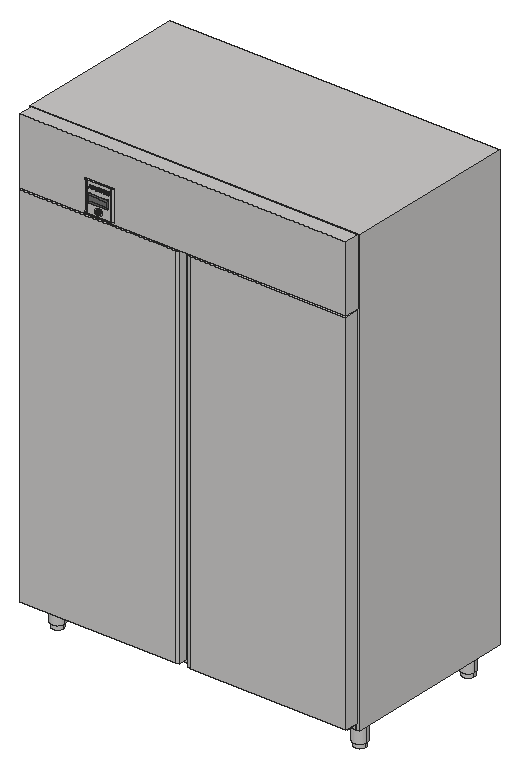
Revit family "QF_ALPENINOX_729654_AR4142FFR", category Specialty Equipment, Revit 2018
Family settings
  Round Connector Dimension = Use Diameter
  Part Type = Normal
  Work Plane-Based = No
  Always vertical = Yes
  Cut with Voids When Loaded = No
  Shared = No
  Room Calculation Point = No
Parameters (values of type "Standard")
  Weight = 190.00 kg
  Watts = 19.5096 W
  Volts = 220 V
  URL Manufacturer = "http://www.alpeninox.com"
  URL = "http://www.alpeninox.com"
  Steam Supply Size = 0 mm
  Steam Supply Minimum Pressure = 0.0 Pa
  Steam Supply Maximum Pressure = 0.0 Pa
  Steam Pounds per Hour = 0
  Refrigeration Suction Line Size = 0.031 mm
  Refrigeration Liquid Line Size = 0.02 mm
  Refrigerant Compressor Remote = yes
  Manufacturer = "Alpeninox"
  Phase = 1
  Model = "AR4142FFR"
  Length Actual = 1441 mm  # constant formula
  Item Number = "729654"
  Hot Water Size = 0 mm
  Height Actual = 2050 mm  # constant formula
  HP = "0.3 HP"
  Gas Size = 0 mm
  Gas KW = 0
  Gas Input Pressure = 0 W
  Description = "2-DOOR FREEZER 1430L -22-15°C, DIGITAL, S/S - REMOTE"
  Depth Actual = 835 mm  # constant formula
  Cycle = 50 Hz
  Condensate Return Size = 0 mm
  Compressed Air Volume = 0.0 L/s
  Compressed Air Size = 0 mm
  Compressed Air Pressure = 0.0 Pa
  Cold Water Size = 0 mm
  Accessory = yes
Reference planes
  plane 1 "Center (Front/Back)": y = 0
  plane 2: z = 0
  plane 3 "Center (Left/Right)": x = 0
  plane 4 "BASE": z = 110
  plane 5 "TOP": z = 2050
  plane 6 "FRONT": y = -417.5
  plane 7 "BACK": y = 417.5
  plane 8 "LEFT": x = -720.5
  plane 9 "RIGHT": x = 720.5
Forms (mm)
  Extrusion 1, solid, material "QF_Finishes_Stainless Steel"
    sketch origin (0, 0, 0) x (1, 0, 0) y (0, 1, 0)
      loop
        circle (-643.5, 344.5) r 25
      loop
        circle (643.5, 344.5) r 25
      loop
        circle (-660.5, -269.5) r 25
      loop
        circle (660.5, -269.5) r 25
      loop
        circle (0, -121) r 25
    from 0 to 20
  Extrusion 2, solid, material "QF_Finishes_Stainless Steel"
    sketch origin (0, 0, 0) x (1, 0, 0) y (0, 1, 0)
      loop
        circle (-643.5, 344.5) r 30
      loop
        circle (643.5, 344.5) r 30
      loop
        circle (660.5, -269.5) r 30
      loop
        circle (-660.5, -269.5) r 30
      loop
        circle (0, -121) r 30
    from 20 to 110
  Extrusion 3, solid, material "QF_Finishes_Stainless Steel"
    sketch origin (0, 0, 110) x (-1, 0, 0) y (0, -1, 0)
      loop
        line (720.5, -417.5) -> (720.5, 345.5) -> (-720.5, 345.5) -> (-720.5, -417.5) -> (720.5, -417.5)
    from 0 to 1940
  Extrusion 4, solid
    sketch origin (0, 417.5, 1685) x (-1, 0, 0) y (0, 0, 1)
      loop
        circle (704.5, 124) r 10
    from 0 to 3.2
  Extrusion 5, solid, material "QF_Door-Drawer Clearances", detail levels coarse
    sketch origin (0, 0, 110) x (-1, 0, 0) y (0, -1, 0)
      loop
        line (-712.5, 409.5) -> (-648.5, 409.5) -> (-648.5, 1006.5) -> (-666.5, 1006.5) -> (-666.5, 1024.5) -> (-688.5, 1024.5) -> (-688.5, 1062.5) -> (-712.5, 1062.5) -> (-712.5, 409.5)
    from 1642.965 to 28
  Extrusion 6, solid, material "QF_Door-Drawer Clearances", detail levels coarse
    sketch origin (0, 0, 110) x (-1, 0, 0) y (0, -1, 0)
      loop
        line (-648.5, 409.5) -> (0, 409.5)
        arc (0, 409.5) -> (-211.9, 875.546) -> (-688.5, 1062.5) r 681.392
        line (-688.5, 1062.5) -> (-688.5, 1024.5) -> (-666.5, 1024.5) -> (-666.5, 1006.5) -> (-648.5, 1006.5) -> (-648.5, 409.5)
    from 1642.965 to 28
  Extrusion 7, solid, material "QF_Clearances", detail levels coarse
    sketch origin (0, 0, 110) x (-1, 0, 0) y (0, -1, 0)
      loop
        line (720.5, 417.5) -> (720.5, -417.5) -> (-720.5, -417.5) -> (-720.5, 417.5) -> (-740.5, 417.5) -> (-740.5, -447.5) -> (740.5, -447.5) -> (740.5, 417.5) -> (720.5, 417.5)
    from -110 to 1940
  Extrusion 8, solid, material "QF_Clearances", detail levels coarse
    sketch origin (0, 0, 2050) x (-1, 0, 0) y (0, -1, 0)
      loop
        line (740.5, -447.5) -> (740.5, 417.5) -> (-740.5, 417.5) -> (-740.5, -447.5) -> (740.5, -447.5)
    from 0 to 500
  Extrusion 9, void
    sketch origin (0, 417.5, 0) x (-1, 0, 0) y (0, 0, 1)
      loop
        line (645.5, 1724) -> (430, 1724) -> (430, 1695) -> (-430, 1695) -> (-430, 1724) -> (-645.5, 1724) -> (-645.5, 180) -> (-322.75, 170.906) -> (0, 180) -> (322.75, 170.906) -> (645.5, 180) -> (645.5, 1724)
    from -56 to -763
  Extrusion 10, solid, material "QF_Door-Drawer Clearances", detail levels coarse
    sketch origin (0, 0, 110) x (1, 0, 0) y (0, 1, 0)
      loop
        line (-712.5, -409.5) -> (-712.5, -1062.5) -> (-688.5, -1062.5) -> (-688.5, -1024.5) -> (-666.5, -1024.5) -> (-666.5, -1006.5) -> (-648.5, -1006.5) -> (-648.5, -409.5) -> (-712.5, -409.5)
    from 1642.965 to 28
  Extrusion 11, solid, material "QF_Door-Drawer Clearances", detail levels coarse
    sketch origin (0, 0, 110) x (1, 0, 0) y (0, 1, 0)
      loop
        line (-648.5, -409.5) -> (-648.5, -1006.5) -> (-666.5, -1006.5) -> (-666.5, -1024.5) -> (-688.5, -1024.5) -> (-688.5, -1062.5)
        arc (-688.5, -1062.5) -> (-211.9, -875.546) -> (0, -409.5) r 681.392
        line (0, -409.5) -> (-648.5, -409.5)
    from 1642.965 to 28
  Extrusion 12, solid, material "QF_Finishes_Stainless Steel"
    sketch origin (0, 417.5, 0) x (-1, 0, 0) y (0, 0, 1)
      loop
        line (40, 170.62) -> (40, 1695) -> (-40, 1695) -> (-40, 170.62) -> (0, 170) -> (40, 170.62)
    from -723 to -763
  Extrusion 13, solid, material "QF_Finishes_Stainless Steel"
    sketch origin (0, 0, 110) x (-1, 0, 0) y (0, -1, 0)
      loop
        circle (322.75, 254.5) r 7.938
      loop
        circle (-322.75, 254.5) r 7.938
    from 0 to -10
  Extrusion 14, solid, material "QF_Finishes_Stainless Steel"
    sketch origin (0, 0, 2050) x (-1, 0, 0) y (0, -1, 0)
      loop
        circle (255.5, 167.5) r 4.75
    from -34.697 to -139.697
  Extrusion 15, solid, material "QF_Finishes_Stainless Steel"
    sketch origin (-720.5, 0, 0) x (0, 1, 0) y (0, 0, 1)
      loop
        circle (-182.5, 1852.63) r 3
    from 500 to 620
Cuts and joins
  joined: Extrusion 7, Extrusion 8
  Extrusion 9 cuts Extrusion 3
Lines and regions (mm)
  symbolic lines, style "SpecialityEquipmentHiddenLines"
    curve 1: line (712.5, -409.5, 110) -> (712.5, -1062.5, 110)
    curve 2: line (712.5, -1062.5, 110) -> (688.5, -1062.5, 110)
    curve 3: line (648.5, -409.5, 110) -> (648.5, -1006.5, 110)
    curve 4: line (688.5, -1062.5, 110) -> (688.5, -1024.5, 110)
    curve 5: line (688.5, -1024.5, 110) -> (666.5, -1024.5, 110)
    curve 6: line (666.5, -1024.5, 110) -> (666.5, -1006.5, 110)
    curve 7: line (666.5, -1006.5, 110) -> (648.5, -1006.5, 110)
    curve 13: arc (0, -409.5, 110) -> (211.9, -875.546, 110) -> (688.5, -1062.5, 110) r 681.392
    curve 14: line (-712.5, -1062.5, 110) -> (-688.5, -1062.5, 110)
    curve 15: line (-648.5, -409.5, 110) -> (-648.5, -1006.5, 110)
    curve 16: line (-688.5, -1062.5, 110) -> (-688.5, -1024.5, 110)
    curve 17: line (-688.5, -1024.5, 110) -> (-666.5, -1024.5, 110)
    curve 18: line (-666.5, -1024.5, 110) -> (-666.5, -1006.5, 110)
    curve 19: line (-666.5, -1006.5, 110) -> (-648.5, -1006.5, 110)
    curve 20: arc (0, -409.5, 110) -> (-211.9, -875.546, 110) -> (-688.5, -1062.5, 110) r 681.392
    curve 21: line (-712.5, -409.5, 110) -> (-712.5, -1062.5, 110)
  symbolic lines, style "QF_Clearances", detail levels coarse
    curve 8: line (-220.5, -417.5, 2050) -> (-740.5, -417.5, 2050)
    curve 9: line (-740.5, -417.5, 2050) -> (-740.5, 447.5, 2050)
    curve 10: line (-740.5, 447.5, 2050) -> (740.5, 447.5, 2050)
    curve 11: line (740.5, 447.5, 2050) -> (740.5, -417.5, 2050)
    curve 12: line (740.5, -417.5, 2050) -> (720.5, -417.5, 2050)
Dimensions and locks
  equal spacing: plane 7 "BACK", plane 1 "Center (Front/Back)", plane 6 "FRONT"
  equal spacing: plane 8 "LEFT", plane 3 "Center (Left/Right)", plane 9 "RIGHT"
  plane 8 "LEFT" to plane 9 "RIGHT" = 1441 mm
  plane 7 "BACK" to plane 6 "FRONT" = 835 mm
  plane 5 "TOP" to plane 2 = 2050 mm
  aligned and locked: level to plane 2
Automatic sketch dimensions
  Extrusion 1 sketch curve to plane 3 "Center (Left/Right)" = 0 mm
  plane 8 "LEFT" to Extrusion 1 sketch curve = 77 mm
  plane 8 "LEFT" to Extrusion 1 sketch curve = 60 mm
  plane 9 "RIGHT" to Extrusion 1 sketch curve = 77 mm
  plane 9 "RIGHT" to Extrusion 1 sketch curve = 60 mm
  plane 6 "FRONT" to Extrusion 1 sketch curve = 148 mm  (x2)
  plane 1 "Center (Front/Back)" to Extrusion 1 sketch curve = 121 mm
  Extrusion 1 sketch curve to plane 7 "BACK" = 73 mm  (x2)
  Extrusion 2 sketch curve to plane 3 "Center (Left/Right)" = 0 mm
  plane 8 "LEFT" to Extrusion 2 sketch curve = 77 mm
  plane 8 "LEFT" to Extrusion 2 sketch curve = 60 mm
  plane 9 "RIGHT" to Extrusion 2 sketch curve = 77 mm
  plane 9 "RIGHT" to Extrusion 2 sketch curve = 60 mm
  plane 6 "FRONT" to Extrusion 2 sketch curve = 148 mm  (x2)
  plane 1 "Center (Front/Back)" to Extrusion 2 sketch curve = 121 mm
  Extrusion 2 sketch curve to plane 7 "BACK" = 73 mm  (x2)
  Extrusion 3 sketch curve to plane 7 "BACK" = 0 mm
  Extrusion 3 sketch curve to plane 9 "RIGHT" = 0 mm
  Extrusion 3 sketch curve to plane 8 "LEFT" = 0 mm
  plane 6 "FRONT" to Extrusion 3 sketch curve = 72 mm
  plane 8 "LEFT" to Extrusion 4 sketch curve = 16 mm
  Extrusion 4 sketch curve to plane 5 "TOP" = 241 mm
  plane 9 "RIGHT" to Extrusion 5 sketch curve = 8 mm
  plane 9 "RIGHT" to Extrusion 5 sketch curve = 32 mm
  Extrusion 5 sketch curve to Extrusion 5 sketch curve = 22 mm
  plane 6 "FRONT" to Extrusion 5 sketch curve = 8 mm
  Extrusion 5 sketch curve to Extrusion 5 sketch curve = 64 mm
  Extrusion 5 sketch curve to plane 6 "FRONT" = 589 mm
  Extrusion 5 sketch curve to Extrusion 5 sketch curve = 18 mm
  Extrusion 5 sketch curve to Extrusion 5 sketch curve = 38 mm
  Extrusion 6 sketch curve to plane 3 "Center (Left/Right)" = 0 mm
  plane 9 "RIGHT" to Extrusion 6 sketch curve = 72 mm
  Extrusion 6 sketch curve to Extrusion 6 sketch curve = 18 mm  (x2)
  plane 9 "RIGHT" to Extrusion 6 sketch curve = 39.698 mm
  Extrusion 6 sketch curve to Extrusion 6 sketch curve = 22 mm
  plane 6 "FRONT" to Extrusion 6 sketch curve = 36.349 mm
  plane 6 "FRONT" to Extrusion 6 sketch curve = 8 mm
  Extrusion 6 sketch curve to Extrusion 6 sketch curve = 56 mm
  Extrusion 7 sketch curve to plane 6 "FRONT" = 0 mm  (x2)
  Extrusion 7 sketch curve to plane 7 "BACK" = 0 mm
  Extrusion 7 sketch curve to plane 9 "RIGHT" = 0 mm
  Extrusion 7 sketch curve to plane 8 "LEFT" = 0 mm
  Extrusion 7 sketch curve to plane 9 "RIGHT" = 20 mm
  Extrusion 7 sketch curve to Extrusion 7 sketch curve = 20 mm
  plane 7 "BACK" to Extrusion 7 sketch curve = 30 mm
  Extrusion 8 sketch curve to plane 6 "FRONT" = 0 mm
  Extrusion 8 sketch curve to plane 9 "RIGHT" = 20 mm
  Extrusion 8 sketch curve to plane 8 "LEFT" = 20 mm
  plane 7 "BACK" to Extrusion 8 sketch curve = 30 mm
  Extrusion 10 sketch curve to plane 8 "LEFT" = 8 mm
  Extrusion 10 sketch curve to plane 8 "LEFT" = 32 mm
  Extrusion 10 sketch curve to Extrusion 10 sketch curve = 22 mm
  Extrusion 10 sketch curve to plane 6 "FRONT" = 8 mm
  Extrusion 10 sketch curve to Extrusion 10 sketch curve = 64 mm
  plane 6 "FRONT" to Extrusion 10 sketch curve = 589 mm
  Extrusion 10 sketch curve to Extrusion 10 sketch curve = 18 mm
  Extrusion 10 sketch curve to Extrusion 10 sketch curve = 38 mm
  Extrusion 11 sketch curve to plane 3 "Center (Left/Right)" = 0 mm
  Extrusion 11 sketch curve to plane 8 "LEFT" = 72 mm
  Extrusion 11 sketch curve to Extrusion 11 sketch curve = 18 mm  (x2)
  Extrusion 11 sketch curve to plane 8 "LEFT" = 39.698 mm
  Extrusion 11 sketch curve to Extrusion 11 sketch curve = 22 mm
  Extrusion 11 sketch curve to plane 6 "FRONT" = 36.349 mm
  Extrusion 11 sketch curve to plane 6 "FRONT" = 8 mm
  Extrusion 11 sketch curve to Extrusion 11 sketch curve = 56 mm
  Extrusion 12 sketch curve to plane 3 "Center (Left/Right)" = 0 mm
  plane 3 "Center (Left/Right)" to Extrusion 12 sketch curve = 40 mm
  Extrusion 12 sketch curve to plane 3 "Center (Left/Right)" = 40 mm
  plane 4 "BASE" to Extrusion 12 sketch curve = 60 mm
  Extrusion 12 sketch curve to Extrusion 12 sketch curve = 0.62 mm  (x2)
  Extrusion 12 sketch curve to Extrusion 12 sketch curve = 1524.38 mm
  Extrusion 9 sketch curve to plane 3 "Center (Left/Right)" = 0 mm
  plane 4 "BASE" to Extrusion 9 sketch curve = 60.906 mm  (x2)
  plane 3 "Center (Left/Right)" to Extrusion 9 sketch curve = 322.75 mm
  plane 9 "RIGHT" to Extrusion 9 sketch curve = 290.5 mm
  plane 9 "RIGHT" to Extrusion 9 sketch curve = 75 mm
  Extrusion 9 sketch curve to plane 3 "Center (Left/Right)" = 322.75 mm
  plane 8 "LEFT" to Extrusion 9 sketch curve = 290.5 mm
  plane 8 "LEFT" to Extrusion 9 sketch curve = 75 mm
  plane 4 "BASE" to Extrusion 9 sketch curve = 70 mm  (x3)
  Extrusion 9 sketch curve to plane 5 "TOP" = 355 mm
  Extrusion 9 sketch curve to Extrusion 9 sketch curve = 29 mm  (x2)
  plane 3 "Center (Left/Right)" to Extrusion 13 sketch curve = 322.75 mm
  Extrusion 13 sketch curve to plane 3 "Center (Left/Right)" = 322.75 mm
  plane 6 "FRONT" to Extrusion 13 sketch curve = 163 mm  (x2)
  curve 13 to plane 3 "Center (Left/Right)" = 0 mm
  plane 9 "RIGHT" to curve 7 = 72 mm
  curve 5 to curve 3 = 18 mm
  plane 9 "RIGHT" to curve 13 = 39.698 mm
  curve 4 to curve 5 = 22 mm
  plane 9 "RIGHT" to curve 1 = 8 mm
  plane 8 "LEFT" to curve 15 = 72 mm
  curve 15 to curve 18 = 18 mm
  plane 8 "LEFT" to curve 20 = 39.698 mm
  curve 17 to curve 17 = 22 mm
  plane 8 "LEFT" to curve 14 = 8 mm
  plane 6 "FRONT" to curve 20 = 36.349 mm
  plane 6 "FRONT" to curve 13 = 36.349 mm
  curve 6 to plane 6 "FRONT" = 589 mm
  curve 15 to plane 6 "FRONT" = 589 mm
  curve 6 to curve 6 = 18 mm
  curve 18 to curve 16 = 18 mm
  curve 4 to curve 4 = 38 mm
  plane 6 "FRONT" to curve 21 = 8 mm
  plane 6 "FRONT" to curve 15 = 8 mm
  plane 6 "FRONT" to curve 3 = 8 mm
  plane 6 "FRONT" to curve 1 = 8 mm
  plane 1 "Center (Front/Back)" to Extrusion 14 sketch curve = 167.5 mm
  Extrusion 14 sketch curve to plane 3 "Center (Left/Right)" = 255.5 mm
  curve 12 to plane 6 "FRONT" = 0 mm
  curve 12 to plane 9 "RIGHT" = 0 mm
  curve 8 to plane 6 "FRONT" = 0 mm
  curve 11 to curve 12 = 20 mm
  curve 9 to plane 8 "LEFT" = 20 mm
  plane 7 "BACK" to curve 10 = 30 mm
  curve 8 to plane 3 "Center (Left/Right)" = 220.5 mm
  Extrusion 15 sketch curve to plane 5 "TOP" = 197.37 mm
  plane 1 "Center (Front/Back)" to Extrusion 15 sketch curve = 182.5 mm
  radius of Extrusion 1 sketch curve = 25 mm  (x5)
  radius of Extrusion 2 sketch curve = 30 mm  (x5)
  radius of Extrusion 4 sketch curve = 10 mm
  radius of Extrusion 13 sketch curve = 7.938 mm  (x2)
  radius of Extrusion 14 sketch curve = 4.75 mm
  radius of Extrusion 15 sketch curve = 3 mm
Nested families
  nested 1: "QF_729123_Door" at (0, -345.5, 968.365) x (1, 0, 0) z (0, -1, 0), type "QF_729123_Door"
    with Show Clearance yes
  nested 2: "Freezer" at (720.5, -417.5, 2050), type "Freezer"
Connectors
  electrical at (-704.5, 420.7, 1809), driven by "Volts"
    settings: on Extrusion 4, index 2, voltage 220 V, apparent load 0 VA, apparent load phase1 0 VA, apparent load phase2 0 VA, apparent load phase3 0 VA, power factor 1, load classification "Other", number of poles 1, system type 30, power factor state 1, is connector primary yes, connector utility no, sub classification motor no, connector description "Electrical Connection"
  piping at (322.75, -254.5, 100), diameter 15.875
    settings: on Extrusion 13, index 3, connector inside diameter 609.6 mm, connector length 0 mm, flow factor 0, pipe flow 0.0 L/s, pressure drop 0.0 Pa, fitting loss kfactor 0, connector angle 0.00°, fixture units 0, engagement length 0 mm, angle of deflection 0.00°, flow configuration 1, flow direction 2, fitting loss method 0, system type 16, joint type 0, gender type 0, connector reference index -1, connector utility 0, adjustable connector no, is connector primary yes, connector description "Drain"
  piping at (-322.75, -254.5, 100), diameter 15.875
    settings: on Extrusion 13, index 4, connector inside diameter 609.6 mm, connector length 0 mm, flow factor 0, pipe flow 0.0 L/s, pressure drop 0.0 Pa, fitting loss kfactor 0, connector angle 0.00°, fixture units 0, engagement length 0 mm, angle of deflection 0.00°, flow configuration 1, flow direction 2, fitting loss method 0, system type 16, joint type 0, gender type 0, connector reference index -1, connector utility 0, adjustable connector no, is connector primary no, connector description "Drain"
  piping at (-220.5, -182.5, 1852.63), diameter 6
    settings: on Extrusion 15, index 5, connector inside diameter 609.6 mm, connector length 0 mm, flow factor 0, pipe flow 0.0 L/s, pressure drop 0.0 Pa, fitting loss kfactor 0, connector angle 0.00°, fixture units 0, engagement length 0 mm, angle of deflection 0.00°, flow configuration 1, flow direction 1, fitting loss method 0, system type 7, joint type 0, gender type 0, connector reference index -1, connector utility 0, adjustable connector no, is connector primary no, connector description "Refrigerant Inlet"
  piping at (-255.5, -167.5, 2015.303), diameter 9.5
    settings: on Extrusion 14, index 6, connector inside diameter 609.6 mm, connector length 0 mm, flow factor 0, pipe flow 0.0 L/s, pressure drop 0.0 Pa, fitting loss kfactor 0, connector angle 0.00°, fixture units 0, engagement length 0 mm, angle of deflection 0.00°, flow configuration 1, flow direction 2, fitting loss method 0, system type 8, joint type 0, gender type 0, connector reference index -1, connector utility 0, adjustable connector no, is connector primary no, connector description "Refrigerant Outlet"
Definition of nested family "QF_729123_Door"
  Parameters
    Show Clearance [instance] = yes
    Model = "729050"
    Default Elevation = 1219.2 mm
  Reference planes
    plane 1 "Center (Front/Back)": y = 0
    plane 2: z = 0
    plane 3 "Center (Left/Right)": x = 0
    plane 4 "panel": z = 64
  Forms (mm)
    Extrusion 1, solid
      sketch origin (0, -919.2, 0) x (1, 0, 0) y (0, 1, 0)
        loop
          line (-980.5, 2119.2) -> (-980.5, -162.846) -> (881.94, -162.846) -> (881.94, 2119.2) -> (-980.5, 2119.2)
      from 0 to -59.546
    Extrusion 2, solid
      sketch origin (365.5, 0, 0) x (1, 0, 0) y (0, 0, 1)
        loop
          line (-347, 26) -> (-325, 26) -> (-325, 8) -> (-307, 8) -> (-307, 0) -> (339, 0) -> (339, 8) -> (347, 8) -> (347, 64) -> (-332, 64) -> (-347, 60) -> (-347, 26)
      from -784.6 to 830.4
    Extrusion 3, solid
      sketch origin (484.5, -516.365, 0) x (0, 1, 0) y (0, 0, 1)
        loop
          line (-323.003, 40.312) -> (-316.501, 40.312) -> (-316.501, 42.812) -> (-325.503, 42.812) -> (-325.503, 2.5) -> (-342, 2.5) -> (-342, 0) -> (-323.003, 0) -> (-323.003, 12.259) -> (-323.003, 40.312)
        loop
          line (-314, 38.311) -> (-316.501, 38.311) -> (-316.501, 14.304) -> (-319.752, 14.304) -> (-319.752, 11.804) -> (-314, 11.804) -> (-314, 38.311)
      from 185 to 220
    Extrusion 4, solid
      sketch origin (484.5, 469.597, 0) x (0, 1, 0) y (0, 0, 1)
        loop
          line (315.003, 27.948) -> (315.003, 2.948) -> (315.003, 0) -> (322.003, 0) -> (322.003, 2.5) -> (317.503, 2.5) -> (317.503, 27.948) -> (315.003, 27.948)
      from 185 to 220
    Extrusion 5, solid
      sketch origin (-365.5, 0, 0) x (-1, 0, 0) y (0, 0, -1)
        loop
          line (-1078, -64) -> (347, -64) -> (347, 0) -> (-1078, 0) -> (-1078, -64)
      from -1081.6 to -791.6
    Extrusion 6, solid
      sketch origin (-365.5, 0, 0) x (-1, 0, 0) y (0, 0, -1)
        loop
          line (-347, -26) -> (-347, -60) -> (-332, -64) -> (347, -64) -> (347, -8) -> (339, -8) -> (339, 0) -> (-307, 0) -> (-307, -8) -> (-325, -8) -> (-325, -26) -> (-347, -26)
      from -784.6 to 830.4
    Extrusion 7, solid
      sketch origin (-484.5, -516.365, 0) x (0, 1, 0) y (0, 0, -1)
        loop
          line (-323.003, -40.312) -> (-323.003, -12.259) -> (-323.003, 0) -> (-342, 0) -> (-342, -2.5) -> (-325.503, -2.5) -> (-325.503, -42.812) -> (-316.501, -42.812) -> (-316.501, -40.312) -> (-323.003, -40.312)
        loop
          line (-314, -38.311) -> (-314, -11.804) -> (-319.752, -11.804) -> (-319.752, -14.304) -> (-316.501, -14.304) -> (-316.501, -38.311) -> (-314, -38.311)
      from 185 to 220
    Extrusion 8, solid
      sketch origin (-484.5, 469.597, 0) x (0, 1, 0) y (0, 0, -1)
        loop
          line (315.003, -27.948) -> (317.503, -27.948) -> (317.503, -2.5) -> (322.003, -2.5) -> (322.003, 0) -> (315.003, 0) -> (315.003, -2.948) -> (315.003, -27.948)
      from 185 to 220
  Lines and regions (mm)
    symbolic lines
      curve 1: line (-712.5, 0, 64) -> (712.5, 0, 64)
      curve 2: line (712.5, 0, 0) -> (-712.5, 0, 0)
      curve 3: line (712.5, 0, 64) -> (712.5, 0, 0)
      curve 4: line (704.5, 0, 8) -> (712.5, 0, 8)
      curve 5: line (704.5, 0, 8) -> (704.5, 0, 0)
      curve 6: line (-376.111, 0, 72) -> (-356.111, 0, 72)
      curve 7: line (-376.111, 0, 66) -> (-376.111, 0, 72)
      curve 8: line (-356.111, 0, 72) -> (-356.111, 0, 66)
      curve 9: line (-380.111, 0, 66) -> (-352.111, 0, 66)
      curve 10: line (-380.111, 0, 64) -> (-380.111, 0, 66)
      curve 11: line (-352.111, 0, 66) -> (-352.111, 0, 64)
      curve 12: line (-712.5, 0, 64) -> (-712.5, 0, 0)
      curve 13: line (-704.5, 0, 8) -> (-712.5, 0, 8)
      curve 14: line (-704.5, 0, 8) -> (-704.5, 0, 0)
  Dimensions and locks
    aligned and locked: plane 2 to Extrusion 1
    aligned and locked: level to Extrusion 1
  Nested families
    nested 1: "QF_DisplayStandardCabinets" at (-365.5, 863.6, 64), type "QF_DisplayStandardCabinets"
      with Show Clearance yes
  Definition of nested family "QF_DisplayStandardCabinets"
    Parameters
      Show Clearance [instance] = yes
      Model = ""
      Default Elevation = 0 mm
    Reference planes
      plane 1 "Center (Front/Back)": y = 0
      plane 2: z = 0
      plane 3 "Center (Left/Right)": x = 0
    Forms (mm)
      Extrusion 1, solid
        sketch origin (0, -919.2, 0) x (1, 0, 0) y (0, 1, 0)
          loop
            line (-198.75, 1146.2) -> (-198.75, 709.567) -> (165.741, 709.567) -> (165.741, 1146.2) -> (-198.75, 1146.2)
        from 0 to -59.546
      Extrusion 2, solid
        sketch origin (-59, -44.611, 0) x (0, 1, 0) y (-1, 0, 0)
          loop
            circle (0.611, -59) r 14
        from 5 to 7
      Extrusion 3, solid
        sketch origin (744.635, 320.889, 0) x (0, 1, 0) y (-1, 0, 0)
          loop
            circle (-364.889, 744.635) r 10
          loop
            circle (-364.889, 744.635) r 9
        from 5 to 8
      Extrusion 4, solid
        sketch origin (744.635, 320.889, 0) x (0, 1, 0) y (-1, 0, 0)
          loop
            circle (-364.889, 744.635) r 8.7
        from 5 to 8
      Extrusion 5, void
        sketch origin (744.635, 320.889, 0) x (0, 1, 0) y (-1, 0, 0)
          loop
            line (-372.339, 745.885) -> (-372.339, 743.385) -> (-362.339, 743.385) -> (-362.339, 745.885) -> (-372.339, 745.885)
        from 8.592 to 6.269
      Extrusion 6, solid
        sketch origin (365.5, -639.265, 0) x (1, 0, 0) y (0, 1, 0)
          loop
            line (-406.708, 687.579) -> (-410.067, 678.56)
            arc (-410.067, 678.56) -> (-409.36, 676.922) -> (-407.754, 677.698) r 1.236
            line (-407.754, 677.698) -> (-407.242, 679.273) -> (-402.595, 679.273) -> (-402.091, 677.715)
            arc (-402.091, 677.715) -> (-400.528, 676.963) -> (-399.851, 678.56) r 1.198
            line (-399.851, 678.56) -> (-403.129, 687.579)
            arc (-403.129, 687.579) -> (-404.919, 688.953) -> (-406.708, 687.579) r 1.853
          loop
            line (-404.916, 686.416) -> (-406.523, 681.56) -> (-403.345, 681.56) -> (-404.916, 686.416)
          loop
            arc (-398.643, 678.312) -> (-398.245, 677.351) -> (-397.284, 676.953) r 1.359
            line (-397.284, 676.953) -> (-393.161, 676.953)
            arc (-393.161, 676.953) -> (-392.018, 678.096) -> (-393.161, 679.239) r 1.143
            line (-393.161, 679.239) -> (-396.136, 679.239) -> (-396.136, 687.561)
            arc (-396.136, 687.561) -> (-397.39, 688.814) -> (-398.643, 687.561) r 1.253
            line (-398.643, 687.561) -> (-398.643, 678.312)
          loop
            line (-390.884, 687.462) -> (-390.884, 678.147)
            arc (-390.884, 678.147) -> (-389.631, 676.894) -> (-388.378, 678.147) r 1.253
            line (-388.378, 678.147) -> (-388.378, 680.865) -> (-386.522, 680.865)
            arc (-386.522, 680.865) -> (-383.621, 681.743) -> (-382.37, 684.503) r 3.67
            arc (-382.37, 684.503) -> (-383.616, 687.51) -> (-386.622, 688.755) r 4.252
            line (-386.622, 688.755) -> (-389.59, 688.755)
            arc (-389.59, 688.755) -> (-390.505, 688.376) -> (-390.884, 687.462) r 1.293
          loop
            line (-388.378, 683.051) -> (-386.668, 683.051)
            arc (-386.668, 683.051) -> (-384.911, 684.809) -> (-386.668, 686.566) r 1.757
            line (-386.668, 686.566) -> (-388.378, 686.566) -> (-388.378, 683.051)
          loop
            arc (-372.997, 683.967) -> (-373.735, 685.647) -> (-375.32, 686.572) r 2.967
            arc (-375.32, 686.572) -> (-377.645, 686.062) -> (-378.776, 683.967) r 2.856
            line (-378.776, 683.967) -> (-372.997, 683.967)
          loop
            line (-378.711, 681.639) -> (-372.422, 681.639)
            arc (-372.422, 681.639) -> (-371.296, 681.795) -> (-370.405, 682.5) r 2.158
            arc (-370.405, 682.5) -> (-370.274, 683.259) -> (-370.325, 684.028) r 3.268
            arc (-370.325, 684.028) -> (-372.26, 687.411) -> (-375.88, 688.856) r 5.916
            arc (-375.88, 688.856) -> (-379.952, 687.001) -> (-381.519, 682.809) r 5.846
            arc (-381.519, 682.809) -> (-380.273, 678.983) -> (-376.79, 676.969) r 5.622
            arc (-376.79, 676.969) -> (-374.56, 676.949) -> (-372.422, 677.583) r 7.518
            arc (-372.422, 677.583) -> (-371.453, 678.077) -> (-370.711, 678.873) r 3.135
            arc (-370.711, 678.873) -> (-370.511, 679.705) -> (-370.879, 680.478) r 1.282
            arc (-370.879, 680.478) -> (-371.364, 680.757) -> (-371.924, 680.758) r 1.082
            arc (-371.924, 680.758) -> (-372.298, 680.603) -> (-372.619, 680.356) r 1.55
            arc (-372.619, 680.356) -> (-373.431, 679.807) -> (-374.312, 679.379) r 6.834
            arc (-374.312, 679.379) -> (-377.036, 679.488) -> (-378.711, 681.639) r 3.237
          loop
            line (-368.938, 687.561) -> (-368.938, 678.147)
            arc (-368.938, 678.147) -> (-367.683, 676.892) -> (-366.428, 678.147) r 1.255
            line (-366.428, 678.147) -> (-366.428, 684.375) -> (-361.094, 677.401)
            arc (-361.094, 677.401) -> (-359.669, 676.934) -> (-358.786, 678.147) r 1.275
            line (-358.786, 678.147) -> (-358.786, 687.561)
            arc (-358.786, 687.561) -> (-360.041, 688.815) -> (-361.295, 687.561) r 1.254
            line (-361.295, 687.561) -> (-361.295, 681.251) -> (-366.628, 688.306)
            arc (-366.628, 688.306) -> (-368.054, 688.774) -> (-368.938, 687.561) r 1.275
          loop
            arc (-357.218, 678.147) -> (-355.965, 676.893) -> (-354.711, 678.147) r 1.254
            line (-354.711, 678.147) -> (-354.711, 687.561)
            arc (-354.711, 687.561) -> (-355.965, 688.815) -> (-357.218, 687.561) r 1.254
            line (-357.218, 687.561) -> (-357.218, 678.147)
          loop
            line (-353.142, 687.561) -> (-353.142, 678.147)
            arc (-353.142, 678.147) -> (-351.887, 676.892) -> (-350.632, 678.147) r 1.255
            line (-350.632, 678.147) -> (-350.632, 684.375) -> (-345.298, 677.401)
            arc (-345.298, 677.401) -> (-343.873, 676.934) -> (-342.99, 678.147) r 1.275
            line (-342.99, 678.147) -> (-342.99, 687.561)
            arc (-342.99, 687.561) -> (-344.245, 688.815) -> (-345.499, 687.561) r 1.254
            line (-345.499, 687.561) -> (-345.499, 681.251) -> (-350.832, 688.306)
            arc (-350.832, 688.306) -> (-352.258, 688.774) -> (-353.142, 687.561) r 1.275
          loop
            arc (-341.671, 682.854) -> (-341.019, 679.961) -> (-339.083, 677.715) r 6.12
            arc (-339.083, 677.715) -> (-337.577, 676.985) -> (-335.919, 676.754) r 5.355
            arc (-335.919, 676.754) -> (-334.262, 676.985) -> (-332.756, 677.715) r 5.355
            arc (-332.756, 677.715) -> (-330.82, 679.961) -> (-330.168, 682.854) r 6.12
            arc (-330.168, 682.854) -> (-330.82, 685.746) -> (-332.756, 687.992) r 6.12
            arc (-332.756, 687.992) -> (-334.262, 688.723) -> (-335.919, 688.953) r 5.355
            arc (-335.919, 688.953) -> (-337.577, 688.723) -> (-339.083, 687.992) r 5.355
            arc (-339.083, 687.992) -> (-341.019, 685.746) -> (-341.671, 682.854) r 6.12
          loop
            arc (-339.045, 682.854) -> (-338.787, 681.162) -> (-337.837, 679.739) r 3.945
            arc (-337.837, 679.739) -> (-336.943, 679.217) -> (-335.919, 679.066) r 2.729
            arc (-335.919, 679.066) -> (-334.895, 679.217) -> (-334.001, 679.739) r 2.729
            arc (-334.001, 679.739) -> (-333.051, 681.162) -> (-332.793, 682.854) r 3.945
            arc (-332.793, 682.854) -> (-333.051, 684.545) -> (-334.001, 685.969) r 3.945
            arc (-334.001, 685.969) -> (-334.895, 686.49) -> (-335.919, 686.641) r 2.729
            arc (-335.919, 686.641) -> (-336.943, 686.49) -> (-337.837, 685.969) r 2.729
            arc (-337.837, 685.969) -> (-338.787, 684.545) -> (-339.045, 682.854) r 3.945
          loop
            line (-329.53, 686.914) -> (-326.821, 683.266) -> (-330.133, 678.86)
            arc (-330.133, 678.86) -> (-329.866, 677.098) -> (-328.109, 677.401) r 1.248
            line (-328.109, 677.401) -> (-325.368, 681.18) -> (-322.626, 677.401)
            arc (-322.626, 677.401) -> (-320.87, 677.098) -> (-320.602, 678.86) r 1.248
            line (-320.602, 678.86) -> (-323.915, 683.266) -> (-321.205, 686.914)
            arc (-321.205, 686.914) -> (-321.536, 688.702) -> (-323.295, 688.241) r 1.241
            line (-323.295, 688.241) -> (-325.368, 685.324) -> (-327.441, 688.241)
            arc (-327.441, 688.241) -> (-329.199, 688.702) -> (-329.53, 686.914) r 1.241
        from 2.5 to 4.32
      Extrusion 7, void
        sketch origin (365.5, -639.265, 0) x (1, 0, 0) y (0, 1, 0)
          loop
            line (-406.708, 687.579) -> (-410.067, 678.56)
            arc (-410.067, 678.56) -> (-409.36, 676.922) -> (-407.754, 677.698) r 1.236
            line (-407.754, 677.698) -> (-407.242, 679.273) -> (-402.595, 679.273) -> (-402.091, 677.715)
            arc (-402.091, 677.715) -> (-400.528, 676.963) -> (-399.851, 678.56) r 1.198
            line (-399.851, 678.56) -> (-403.129, 687.579)
            arc (-403.129, 687.579) -> (-404.919, 688.953) -> (-406.708, 687.579) r 1.853
          loop
            line (-404.916, 686.416) -> (-406.523, 681.56) -> (-403.345, 681.56) -> (-404.916, 686.416)
          loop
            arc (-398.643, 678.312) -> (-398.245, 677.351) -> (-397.284, 676.953) r 1.359
            line (-397.284, 676.953) -> (-393.161, 676.953)
            arc (-393.161, 676.953) -> (-392.018, 678.096) -> (-393.161, 679.239) r 1.143
            line (-393.161, 679.239) -> (-396.136, 679.239) -> (-396.136, 687.561)
            arc (-396.136, 687.561) -> (-397.39, 688.814) -> (-398.643, 687.561) r 1.253
            line (-398.643, 687.561) -> (-398.643, 678.312)
          loop
            line (-390.884, 687.462) -> (-390.884, 678.147)
            arc (-390.884, 678.147) -> (-389.631, 676.894) -> (-388.378, 678.147) r 1.253
            line (-388.378, 678.147) -> (-388.378, 680.865) -> (-386.522, 680.865)
            arc (-386.522, 680.865) -> (-383.621, 681.743) -> (-382.37, 684.503) r 3.67
            arc (-382.37, 684.503) -> (-383.616, 687.51) -> (-386.622, 688.755) r 4.252
            line (-386.622, 688.755) -> (-389.59, 688.755)
            arc (-389.59, 688.755) -> (-390.505, 688.376) -> (-390.884, 687.462) r 1.293
          loop
            line (-388.378, 683.051) -> (-386.668, 683.051)
            arc (-386.668, 683.051) -> (-384.911, 684.809) -> (-386.668, 686.566) r 1.757
            line (-386.668, 686.566) -> (-388.378, 686.566) -> (-388.378, 683.051)
          loop
            arc (-372.997, 683.967) -> (-373.735, 685.647) -> (-375.32, 686.572) r 2.967
            arc (-375.32, 686.572) -> (-377.645, 686.062) -> (-378.776, 683.967) r 2.856
            line (-378.776, 683.967) -> (-372.997, 683.967)
          loop
            line (-378.711, 681.639) -> (-372.422, 681.639)
            arc (-372.422, 681.639) -> (-371.296, 681.795) -> (-370.405, 682.5) r 2.158
            arc (-370.405, 682.5) -> (-370.274, 683.259) -> (-370.325, 684.028) r 3.268
            arc (-370.325, 684.028) -> (-372.26, 687.411) -> (-375.88, 688.856) r 5.916
            arc (-375.88, 688.856) -> (-379.952, 687.001) -> (-381.519, 682.809) r 5.846
            arc (-381.519, 682.809) -> (-380.273, 678.983) -> (-376.79, 676.969) r 5.622
            arc (-376.79, 676.969) -> (-374.56, 676.949) -> (-372.422, 677.583) r 7.518
            arc (-372.422, 677.583) -> (-371.453, 678.077) -> (-370.711, 678.873) r 3.135
            arc (-370.711, 678.873) -> (-370.511, 679.705) -> (-370.879, 680.478) r 1.282
            arc (-370.879, 680.478) -> (-371.364, 680.757) -> (-371.924, 680.758) r 1.082
            arc (-371.924, 680.758) -> (-372.298, 680.603) -> (-372.619, 680.356) r 1.55
            arc (-372.619, 680.356) -> (-373.431, 679.807) -> (-374.312, 679.379) r 6.834
            arc (-374.312, 679.379) -> (-377.036, 679.488) -> (-378.711, 681.639) r 3.237
          loop
            line (-368.938, 687.561) -> (-368.938, 678.147)
            arc (-368.938, 678.147) -> (-367.105, 676.314) -> (-365.272, 678.147) r 1.833
            line (-365.272, 678.147) -> (-365.272, 682.863) -> (-361.094, 677.401)
            arc (-361.094, 677.401) -> (-359.669, 676.934) -> (-358.786, 678.147) r 1.275
            line (-358.786, 678.147) -> (-358.786, 687.561)
            arc (-358.786, 687.561) -> (-360.041, 688.815) -> (-361.295, 687.561) r 1.254
            line (-361.295, 687.561) -> (-361.295, 681.251) -> (-366.628, 688.306)
            arc (-366.628, 688.306) -> (-368.054, 688.774) -> (-368.938, 687.561) r 1.275
          loop
            arc (-357.218, 678.147) -> (-355.965, 676.893) -> (-354.711, 678.147) r 1.254
            line (-354.711, 678.147) -> (-354.711, 687.561)
            arc (-354.711, 687.561) -> (-355.965, 688.815) -> (-357.218, 687.561) r 1.254
            line (-357.218, 687.561) -> (-357.218, 678.147)
          loop
            line (-353.142, 687.561) -> (-353.142, 678.147)
            arc (-353.142, 678.147) -> (-351.887, 676.892) -> (-350.632, 678.147) r 1.255
            line (-350.632, 678.147) -> (-350.632, 684.375) -> (-345.298, 677.401)
            arc (-345.298, 677.401) -> (-343.873, 676.934) -> (-342.99, 678.147) r 1.275
            line (-342.99, 678.147) -> (-342.99, 687.561)
            arc (-342.99, 687.561) -> (-344.245, 688.815) -> (-345.499, 687.561) r 1.254
            line (-345.499, 687.561) -> (-345.499, 681.251) -> (-350.832, 688.306)
            arc (-350.832, 688.306) -> (-352.258, 688.774) -> (-353.142, 687.561) r 1.275
          loop
            arc (-341.671, 682.854) -> (-341.019, 679.961) -> (-339.083, 677.715) r 6.12
            arc (-339.083, 677.715) -> (-337.577, 676.985) -> (-335.919, 676.754) r 5.355
            arc (-335.919, 676.754) -> (-334.262, 676.985) -> (-332.756, 677.715) r 5.355
            arc (-332.756, 677.715) -> (-330.82, 679.961) -> (-330.168, 682.854) r 6.12
            arc (-330.168, 682.854) -> (-330.82, 685.746) -> (-332.756, 687.992) r 6.12
            arc (-332.756, 687.992) -> (-334.262, 688.723) -> (-335.919, 688.953) r 5.355
            arc (-335.919, 688.953) -> (-337.577, 688.723) -> (-339.083, 687.992) r 5.355
            arc (-339.083, 687.992) -> (-341.019, 685.746) -> (-341.671, 682.854) r 6.12
          loop
            arc (-339.045, 682.854) -> (-338.787, 681.162) -> (-337.837, 679.739) r 3.945
            arc (-337.837, 679.739) -> (-336.943, 679.217) -> (-335.919, 679.066) r 2.729
            arc (-335.919, 679.066) -> (-334.895, 679.217) -> (-334.001, 679.739) r 2.729
            arc (-334.001, 679.739) -> (-333.051, 681.162) -> (-332.793, 682.854) r 3.945
            arc (-332.793, 682.854) -> (-333.051, 684.545) -> (-334.001, 685.969) r 3.945
            arc (-334.001, 685.969) -> (-334.895, 686.49) -> (-335.919, 686.641) r 2.729
            arc (-335.919, 686.641) -> (-336.943, 686.49) -> (-337.837, 685.969) r 2.729
            arc (-337.837, 685.969) -> (-338.787, 684.545) -> (-339.045, 682.854) r 3.945
          loop
            line (-329.53, 686.914) -> (-326.821, 683.266) -> (-330.133, 678.86)
            arc (-330.133, 678.86) -> (-329.866, 677.098) -> (-328.109, 677.401) r 1.248
            line (-328.109, 677.401) -> (-325.368, 681.18) -> (-322.626, 677.401)
            arc (-322.626, 677.401) -> (-320.87, 677.098) -> (-320.602, 678.86) r 1.248
            line (-320.602, 678.86) -> (-323.915, 683.266) -> (-321.205, 686.914)
            arc (-321.205, 686.914) -> (-321.536, 688.702) -> (-323.295, 688.241) r 1.241
            line (-323.295, 688.241) -> (-325.368, 685.324) -> (-327.441, 688.241)
            arc (-327.441, 688.241) -> (-329.199, 688.702) -> (-329.53, 686.914) r 1.241
        from 4 to 2.2
      Blend 8, solid
        base sketch origin (365.719, -803.635, 0) x (1, 0, 0) y (0, 1, 0)
          loop
            arc (-424.229, 873.635) -> (-428.653, 871.803) -> (-430.485, 867.38) r 6.255
            line (-430.485, 867.38) -> (-430.485, 739.89)
            arc (-430.485, 739.89) -> (-428.653, 735.467) -> (-424.229, 733.635) r 6.255
            line (-424.229, 733.635) -> (-307.728, 733.635)
            arc (-307.728, 733.635) -> (-303.305, 735.467) -> (-301.473, 739.89) r 6.255
            line (-301.473, 739.89) -> (-301.473, 867.38)
            arc (-301.473, 867.38) -> (-303.305, 871.803) -> (-307.728, 873.635) r 6.255
            line (-307.728, 873.635) -> (-424.229, 873.635)
        top sketch origin (365.719, -803.635, 0) x (1, 0, 0) y (0, 1, 0)
          loop
            line (-418.756, 738.326) -> (-313.201, 738.326) -> (-313.201, 868.943) -> (-418.756, 868.943) -> (-418.756, 738.326)
        from 0 to 4
      Extrusion 9, solid
        sketch origin (744.635, 320.889, 0) x (0, 1, 0) y (-1, 0, 0)
          loop
            line (-372.339, 745.885) -> (-372.339, 743.385) -> (-362.339, 743.385) -> (-362.339, 745.885) -> (-372.339, 745.885)
        from 6 to 8
      Extrusion 10, void
        sketch origin (0, 0, 0) x (1, 0, 0) y (0, 1, 0)
          loop
            line (-53.037, 65.309) -> (-53.037, -65.309) -> (52.518, -65.309) -> (52.518, 65.309) -> (-53.037, 65.309)
        from 5 to 2
      Extrusion 11, solid
        sketch origin (0, 0, 0) x (1, 0, 0) y (0, 1, 0)
          loop
            line (-51.473, 63.745) -> (-51.473, -63.745) -> (50.954, -63.745) -> (50.954, 63.745) -> (-51.473, 63.745)
        from 2.2 to 4
      Extrusion 12, solid
        sketch origin (0, -30, 0) x (0, 1, 0) y (0, 0, 1)
          loop
            line (10.404, 4) -> (17.404, 4) -> (17.404, 8)
            arc (17.404, 8) -> (13.868, 7.749) -> (10.404, 7) r 25
            line (10.404, 7) -> (10.404, 4)
          loop
            arc (47.404, 7) -> (43.939, 7.749) -> (40.404, 8) r 25
            line (40.404, 8) -> (40.404, 4) -> (47.404, 4) -> (47.404, 7)
        from 40 to -40
      Extrusion 13, solid
        sketch origin (0, -30, 0) x (1, 0, 0) y (0, 1, 0)
          loop
            line (-40, 40.404) -> (-40, 17.404) -> (40, 17.404) -> (40, 40.404) -> (-40, 40.404)
        from 8 to 4
    Cuts and joins
      Extrusion 5 cuts Extrusion 4
      Extrusion 7 cuts Extrusion 6
      Extrusion 10 cuts Blend 8
      joined: Extrusion 12, Extrusion 13
    Lines and regions (mm)
      Split face 1
        outline origin (-41, 10.404, 8) x (-1, 0, 0) y (0, -1, 0)
          loop
            line (-72.157, 0.05) -> (-72.157, 10.5) -> (-78.157, 10.5) -> (-78.157, 0.05) -> (-72.157, 0.05)
      Split face 2
        outline origin (-50, 10.404, 8) x (-1, 0, 0) y (0, -1, 0)
          loop
            line (-72.157, 0.05) -> (-72.157, 10.5) -> (-78.157, 10.5) -> (-78.157, 0.05) -> (-72.157, 0.05)
      Split face 3
        outline origin (-50, 10.404, 8) x (-1, 0, 0) y (0, -1, 0)
          loop
            line (-72.157, 12.45) -> (-72.157, 22.9) -> (-78.157, 22.9) -> (-78.157, 12.45) -> (-72.157, 12.45)
      Split face 4
        outline origin (-50, 10.404, 8) x (-1, 0, 0) y (0, -1, 0)
          loop
            line (-81.157, 12.45) -> (-81.157, 22.9) -> (-87.157, 22.9) -> (-87.157, 12.45) -> (-81.157, 12.45)
      Split face 5
        outline origin (-50, 10.404, 8) x (-1, 0, 0) y (0, -1, 0)
          loop
            line (-13, 0.1) -> (-13, 22.9) -> (-69, 22.9) -> (-69, 0.1) -> (-13, 0.1)
      symbolic lines
        curve 1: line (52.518, 0, 4) -> (-53.037, 0, 4)
        curve 2: line (40, 0, 4) -> (40, 0, 8)
        curve 3: line (40, 0, 8) -> (-40, 0, 8)
        curve 4: line (-40, 0, 8) -> (-40, 0, 4)
        curve 5: line (-64.765, 0, 0) -> (-53.037, 0, 4)
        curve 6: line (52.518, 0, 4) -> (64.135, 0, 0)
    Dimensions and locks
      aligned and locked: plane 2 to Extrusion 1
      aligned and locked: level to Extrusion 1
Definition of nested family "Freezer"
  Reference planes
    plane 1 "Center (Front/Back)": y = 0
    plane 2: z = 0
    plane 3 "Center (Left/Right)": x = 0
  Lines and regions (mm)
    detail lines, in view "Ref. Level"
      curve 1: spline (-500, 190, 0) -> (-493.185, 166.706, 0) -> (-473.205, 145, 0) -> (-441.421, 126.36, 0) -> (-400, 112.058, 0) -> (-351.764, 103.067, 0) -> (-300, 100, 0) -> (-248.236, 103.067, 0) -> (-200, 112.058, 0) -> (-158.579, 126.36, 0) -> (-126.795, 145, 0) -> (-106.815, 166.706, 0) -> (-100, 190, 0) -> (-106.815, 213.294, 0) -> (-126.795, 235, 0) -> (-158.579, 253.64, 0) -> (-200, 267.942, 0) -> (-248.236, 276.933, 0) -> (-300, 280, 0) -> (-351.764, 276.933, 0) -> (-400, 267.942, 0) -> (-441.421, 253.64, 0) -> (-473.205, 235, 0) -> (-493.185, 213.294, 0) -> (-500, 190, 0)
      curve 2: line (-220, 130, 0) -> (-220, 250, 0)
      curve 3: line (-271.962, 220, 0) -> (-168.038, 160, 0)
      curve 4: line (-271.962, 160, 0) -> (-168.038, 220, 0)
      curve 5: line (-200.884, 246.873, 0) -> (-220, 225, 0)
      curve 6: line (-220, 225, 0) -> (-239.116, 246.873, 0)
      curve 7: line (-250.311, 207.5, 0) -> (-260, 235.883, 0)
      curve 8: line (-279.736, 201.7, 0) -> (-250.311, 207.5, 0)
      curve 9: line (-250.311, 172.5, 0) -> (-279.736, 178.3, 0)
      curve 10: line (-260, 144.117, 0) -> (-250.311, 172.5, 0)
      curve 11: line (-220, 155, 0) -> (-239.116, 133.127, 0)
      curve 12: line (-200.884, 133.127, 0) -> (-220, 155, 0)
      curve 13: line (-189.689, 172.5, 0) -> (-180.304, 145.008, 0)
      curve 14: line (-161.188, 178.118, 0) -> (-189.689, 172.5, 0)
      curve 15: line (-189.689, 207.5, 0) -> (-161.188, 201.882, 0)
      curve 16: line (-180.304, 234.992, 0) -> (-189.689, 207.5, 0)
      curve 17: line (-380, 130, 0) -> (-380, 250, 0)
      curve 18: line (-431.962, 220, 0) -> (-328.038, 160, 0)
      curve 19: line (-431.962, 160, 0) -> (-328.038, 220, 0)
      curve 20: line (-360.884, 246.873, 0) -> (-380, 225, 0)
      curve 21: line (-380, 225, 0) -> (-399.116, 246.873, 0)
      curve 22: line (-410.311, 207.5, 0) -> (-419.696, 234.992, 0)
      curve 23: line (-438.812, 201.882, 0) -> (-410.311, 207.5, 0)
      curve 24: line (-410.311, 172.5, 0) -> (-438.812, 178.118, 0)
      curve 25: line (-419.696, 145.008, 0) -> (-410.311, 172.5, 0)
      curve 26: line (-380, 155, 0) -> (-399.116, 133.127, 0)
      curve 27: line (-360.884, 133.127, 0) -> (-380, 155, 0)
      curve 28: line (-349.689, 172.5, 0) -> (-340, 144.117, 0)
      curve 29: line (-320.264, 178.3, 0) -> (-349.689, 172.5, 0)
      curve 30: line (-349.689, 207.5, 0) -> (-320.264, 201.7, 0)
      curve 31: line (-340, 235.883, 0) -> (-349.689, 207.5, 0)
